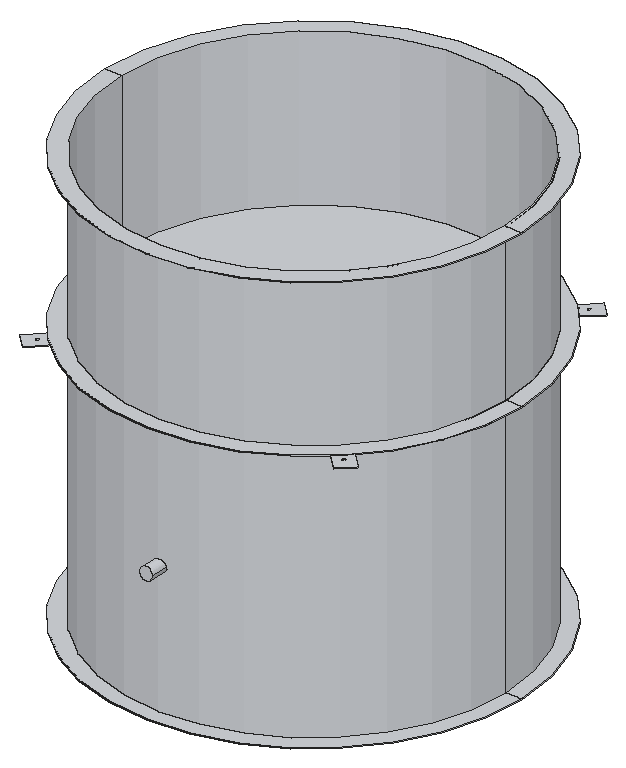
Revit family "AFDV-C_Upblast_Ceiling_Mount", category Mechanical Equipment, Revit 2019
Family settings
  Round Connector Dimension = Use Radius
  Part Type = Normal
  Work Plane-Based = No
  Always vertical = Yes
  Cut with Voids When Loaded = No
  Shared = No
  Room Calculation Point = No
Parameters (values of type "60_AFDV-C_UPBLAST_CEILING")
  VANE = 2' - 1"
  Unit Weight [instance] = ""
  ModelID [instance] = ""
  L/2 = L / 2  # 2' - 0 17/32"
  L = 4' - 1 1/16"
  K/2 = K / 2  # 0' - 0 7/32"
  K = 0' - 0 7/16"
  J/2 = J / 2  # 2' - 10 11/16"
  E-.125" = E - 0' 0 1/8"  # 3' - 5 7/8"
  Accessories [instance] = ""
  45 = 45.00°  # constant formula
  (L-1")/2 = (L - 0' 1") / 2  # 2' - 0 1/32"
  (J+(J-A))/2 = (J + ((J - A) / 2)) / 2  # 3' - 0 11/16"
  J = 5' - 9 3/8"
  CENTER = 0' - 0"  # constant formula
  H-(A/2) = H - (A / 2)  # 2' - 0 1/16"
  H+J = H + CENTER  # 4' - 6 3/4"
  H = 4' - 6 3/4"
  Sones [instance] = ""
  Motor RPM [instance] = ""
  Motor Enclosure [instance] = ""
  LwA [instance] = ""
  G = 12' - 0"
  Fan RPM [instance] = ""
  F/2 = F / 2  # 0' - 1 1/2"
  F = 0' - 3"
  E/2 = E / 2  # 1' - 9"
  E-2" = E - 0' 2"  # 3' - 4"
  E = 3' - 6"
  C/2+J = C / 2 + CENTER  # 2' - 7 13/16"
  C/2 = C / 2  # 2' - 7 13/16"
  C = 5' - 3 5/8"
  B/2 = B / 2  # 2' - 9 3/8"
  B = 5' - 6 3/4"
  A/3 = A / 2.5  # 2' - 0.55"
  A/2 = A / 2  # 2' - 6 11/16"
  A = 5' - 1 3/8"
  60 = 60.00°  # constant formula
  30 = 30.00°  # constant formula
  3" = 0' - 3"  # constant formula
  Brake Hp [instance] = ""
  4" = 0' - 4"  # constant formula
  2' = 2' - 0"
  2" = 0' - 2"  # constant formula
  1" = 0' - 1"  # constant formula
  0 = 0' - 0"  # constant formula
  Voltage [instance] = 0 V
  URL = "www.lorencook.com"
  Type Comments = "Tube Axial Fan Upblast Ceiling Mount Direct Drive Arrangement 4"  # constant formula
  Static Pressure [instance] = 0.00 in-wg
  Power [instance] = Voltage * Motor FLA * sqrt(if(Phase = 3, 3, 1))  # 0 VA
  Phase [instance] = 0
  Number of Poles [instance] = 1
  Motor Hp [instance] = "0"
  Motor FLA [instance] = 0 A
  Model = "AFDV-C"  # constant formula
  Manufacturer = "Loren Cook Company"
  CFM [instance] = 0 CFM
  1.5 = 0' - 1 1/2"  # constant formula
  ONE EIGTH = 0' - 0 1/8"  # constant formula
  -E/2 = -E / 2  # -1' - 9"
  -(E-.25")/2 = -(E - 0' 0 1/4") / 2  # -1' - 8 7/8"
  (K/2)-((J-A-.25")/2) = (K / 2) - ((J - A - 0' 0 1/4") / 2)  # -0' - 3 21/32"
  (J-A-.25") = (J - A - 0' 0 1/4")  # 0' - 7 3/4"
  (H-(A/2))/2 = (H - (A / 2)) / 2  # 1' - 0 1/32"
  (E-.25")/2 = (E - 0' 0 1/4") / 2  # 1' - 8 7/8"
  (A+.25")/2 = (A + 0' 0 1/4") / 2  # 2' - 6 13/16"
Types (12): name | VANE | L/2 | L | K/2 | K | J/2 | E-.125" | (L-1")/2 | (J+(J-A))/2 | J | H-(A/2) | H+J | H | G | F/2 | F | E/2 | E-2" | E | C/2+J | C/2 | C | B/2 | B | A/3 | A/2 | A | -E/2 | -(E-.25")/2 | (K/2)-((J-A-.25")/2) | (J-A-.25") | (H-(A/2))/2 | (E-.25")/2 | (A+.25")/2
  (no name) | 2' - 1" | 2' - 0 17/32" | 4' - 1 1/16" | 0' - 0 7/32" | 0' - 0 7/16" | 2' - 10 11/16" | 3' - 5 7/8" | 2' - 0 1/32" | 3' - 0 11/16" | 5' - 9 3/8" | 2' - 0 1/16" | 4' - 6 3/4" | 4' - 6 3/4" | 12' - 0" | 0' - 1 1/2" | 0' - 3" | 1' - 9" | 3' - 4" | 3' - 6" | 2' - 7 13/16" | 2' - 7 13/16" | 5' - 3 5/8" | 2' - 9 3/8" | 5' - 6 3/4" | 2' - 0.55" | 2' - 6 11/16" | 5' - 1 3/8" | -1' - 9" | -1' - 8 7/8" | -0' - 3 21/32" | 0' - 7 3/4" | 1' - 0 1/32" | 1' - 8 7/8" | 2' - 6 13/16"
  12_AFDV-C_UPBLAST_CEILING | 0' - 6" | 0' - 6 3/8" | 1' - 0 3/4" | 0' - 0 3/16" | 0' - 0 3/8" | 0' - 9 1/32" | 1' - 9 7/8" | 0' - 5 7/8" | 0' - 10 21/64" | 1' - 6 1/16" | 1' - 6 3/16" | 2' - 0 5/8" | 2' - 0 5/8" | 6' - 0" | 0' - 0 5/32" | 0' - 0 5/16" | 0' - 11" | 1' - 8" | 1' - 10" | 0' - 7 5/16" | 0' - 7 5/16" | 1' - 2 5/8" | 0' - 7 13/16" | 1' - 3 5/8" | 0' - 5.15" | 0' - 6 7/16" | 1' - 0 7/8" | -0' - 11" | -0' - 10 7/8" | -0' - 2 9/32" | 0' - 4 15/16" | 0' - 9 3/32" | 0' - 10 7/8" | 0' - 6 9/16"
  16_AFDV-C_UPBLAST_CEILING | 0' - 10" | 0' - 7 13/16" | 1' - 3 5/8" | 0' - 0 3/16" | 0' - 0 3/8" | 0' - 11 1/32" | 2' - 0 7/8" | 0' - 7 5/16" | 1' - 0 21/64" | 1' - 10 1/16" | 1' - 9 11/16" | 2' - 6 1/8" | 2' - 6 1/8" | 6' - 0" | 0' - 0 5/32" | 0' - 0 5/16" | 1' - 0 1/2" | 1' - 11" | 2' - 1" | 0' - 9 5/16" | 0' - 9 5/16" | 1' - 6 5/8" | 0' - 9 13/16" | 1' - 7 5/8" | 0' - 6 3/4" | 0' - 8 7/16" | 1' - 4 7/8" | -1' - 0 1/2" | -1' - 0 3/8" | -0' - 2 9/32" | 0' - 4 15/16" | 0' - 10 27/32" | 1' - 0 3/8" | 0' - 8 9/16"
  18_AFDV-C_UPBLAST_CEILING | 0' - 11" | 0' - 8 1/2" | 1' - 5" | 0' - 0 3/16" | 0' - 0 3/8" | 1' - 0 1/32" | 2' - 0 7/8" | 0' - 8" | 1' - 1 21/64" | 2' - 0 1/16" | 1' - 9 11/16" | 2' - 7 1/8" | 2' - 7 1/8" | 6' - 0" | 0' - 0 5/32" | 0' - 0 5/16" | 1' - 0 1/2" | 1' - 11" | 2' - 1" | 0' - 10 5/16" | 0' - 10 5/16" | 1' - 8 5/8" | 0' - 10 13/16" | 1' - 9 5/8" | 0' - 7.55" | 0' - 9 7/16" | 1' - 6 7/8" | -1' - 0 1/2" | -1' - 0 3/8" | -0' - 2 9/32" | 0' - 4 15/16" | 0' - 10 27/32" | 1' - 0 3/8" | 0' - 9 9/16"
  24_AFDV-C_UPBLAST_CEILING | 1' - 1" | 0' - 10 7/8" | 1' - 9 3/4" | 0' - 0 3/16" | 0' - 0 3/8" | 1' - 3 13/32" | 2' - 6 7/8" | 0' - 10 3/8" | 1' - 4 57/64" | 2' - 6 13/16" | 2' - 3 7/16" | 3' - 3 7/8" | 3' - 3 7/8" | 6' - 0" | 0' - 0 7/32" | 0' - 0 7/16" | 1' - 3 1/2" | 2' - 5" | 2' - 7" | 1' - 1 7/16" | 1' - 1 7/16" | 2' - 2 7/8" | 1' - 2 9/16" | 2' - 5 1/8" | 0' - 9.95" | 1' - 0 7/16" | 2' - 0 7/8" | -1' - 3 1/2" | -1' - 3 3/8" | -0' - 2 21/32" | 0' - 5 11/16" | 1' - 1 23/32" | 1' - 3 3/8" | 1' - 0 9/16"
  28_AFDV-C_UPBLAST_CEILING | 1' - 1" | 1' - 0 5/16" | 2' - 0 5/8" | 0' - 0 3/16" | 0' - 0 3/8" | 1' - 5 13/32" | 2' - 6 7/8" | 0' - 11 13/16" | 1' - 6 57/64" | 2' - 10 13/16" | 2' - 3 7/16" | 3' - 5 7/8" | 3' - 5 7/8" | 6' - 0" | 0' - 0 7/32" | 0' - 0 7/16" | 1' - 3 1/2" | 2' - 5" | 2' - 7" | 1' - 3 7/16" | 1' - 3 7/16" | 2' - 6 7/8" | 1' - 4 9/16" | 2' - 9 1/8" | 0' - 11.55" | 1' - 2 7/16" | 2' - 4 7/8" | -1' - 3 1/2" | -1' - 3 3/8" | -0' - 2 21/32" | 0' - 5 11/16" | 1' - 1 23/32" | 1' - 3 3/8" | 1' - 2 9/16"
  32_AFDV-C_UPBLAST_CEILING | 1' - 3" | 1' - 2 1/8" | 2' - 4 1/4" | 0' - 0 7/32" | 0' - 0 7/16" | 1' - 7 31/32" | 2' - 9 7/8" | 1' - 1 5/8" | 1' - 9 45/64" | 3' - 3 15/16" | 2' - 4 3/4" | 3' - 9 1/4" | 3' - 9 1/4" | 6' - 0" | 0' - 0 7/32" | 0' - 0 7/16" | 1' - 5" | 2' - 8" | 2' - 10" | 1' - 5 1/2" | 1' - 5 1/2" | 2' - 11" | 1' - 6 5/8" | 3' - 1 1/4" | 1' - 1.2" | 1' - 4 1/2" | 2' - 9" | -1' - 5" | -1' - 4 7/8" | -0' - 3 1/8" | 0' - 6 11/16" | 1' - 2 3/8" | 1' - 4 7/8" | 1' - 4 5/8"
  36_AFDV-C_UPBLAST_CEILING | 1' - 4" | 1' - 3 17/32" | 2' - 7 1/16" | 0' - 0 7/32" | 0' - 0 7/16" | 1' - 9 31/32" | 2' - 9 7/8" | 1' - 3 1/32" | 1' - 11 45/64" | 3' - 7 15/16" | 2' - 4 3/4" | 3' - 11 1/4" | 3' - 11 1/4" | 6' - 0" | 0' - 0 7/32" | 0' - 0 7/16" | 1' - 5" | 2' - 8" | 2' - 10" | 1' - 7 1/2" | 1' - 7 1/2" | 3' - 3" | 1' - 8 11/16" | 3' - 5 3/8" | 1' - 2.8" | 1' - 6 1/2" | 3' - 1" | -1' - 5" | -1' - 4 7/8" | -0' - 3 1/8" | 0' - 6 11/16" | 1' - 2 3/8" | 1' - 4 7/8" | 1' - 6 5/8"
  44_AFDV-C_UPBLAST_CEILING | 1' - 7" | 1' - 6 3/8" | 3' - 0 3/4" | 0' - 0 7/32" | 0' - 0 7/16" | 2' - 2" | 3' - 5 7/8" | 1' - 5 7/8" | 2' - 3 3/4" | 4' - 4" | 3' - 0 1/4" | 4' - 10 3/4" | 4' - 10 3/4" | 12' - 0" | 0' - 0 7/32" | 0' - 0 7/16" | 1' - 9" | 3' - 4" | 3' - 6" | 1' - 11 3/4" | 1' - 11 3/4" | 3' - 11 1/2" | 2' - 0 11/16" | 4' - 1 3/8" | 1' - 6" | 1' - 10 1/2" | 3' - 9" | -1' - 9" | -1' - 8 7/8" | -0' - 3 5/32" | 0' - 6 3/4" | 1' - 6 1/8" | 1' - 8 7/8" | 1' - 10 5/8"
  48_AFDV-C_UPBLAST_CEILING | 1' - 10" | 1' - 8 3/16" | 3' - 4 3/8" | 0' - 0 7/32" | 0' - 0 7/16" | 2' - 4 9/16" | 3' - 5 7/8" | 1' - 7 11/16" | 2' - 6 9/16" | 4' - 9 1/8" | 3' - 0 3/16" | 5' - 0 3/4" | 5' - 0 3/4" | 12' - 0" | 0' - 0 7/32" | 0' - 0 7/16" | 1' - 9" | 3' - 4" | 3' - 6" | 2' - 1 13/16" | 2' - 1 13/16" | 4' - 3 5/8" | 2' - 2 3/4" | 4' - 5 1/2" | 1' - 7.65" | 2' - 0 9/16" | 4' - 1 1/8" | -1' - 9" | -1' - 8 7/8" | -0' - 3 21/32" | 0' - 7 3/4" | 1' - 6 3/32" | 1' - 8 7/8" | 2' - 0 11/16"
  54_AFDV-C_UPBLAST_CEILING | 1' - 11" | 1' - 10 1/2" | 3' - 9" | 0' - 0 7/32" | 0' - 0 7/16" | 2' - 7 13/16" | 3' - 5 7/8" | 1' - 10" | 2' - 9 7/8" | 5' - 3 5/8" | 2' - 0 1/16" | 4' - 3 3/4" | 4' - 3 3/4" | 12' - 0" | 0' - 0 7/32" | 0' - 0 7/16" | 1' - 9" | 3' - 4" | 3' - 6" | 2' - 4 13/16" | 2' - 4 13/16" | 4' - 9 5/8" | 2' - 6 3/8" | 5' - 0 3/4" | 1' - 10.15" | 2' - 3 11/16" | 4' - 7 3/8" | -1' - 9" | -1' - 8 7/8" | -0' - 3 25/32" | 0' - 8" | 1' - 0 1/32" | 1' - 8 7/8" | 2' - 3 13/16"
  60_AFDV-C_UPBLAST_CEILING | 2' - 1" | 2' - 0 17/32" | 4' - 1 1/16" | 0' - 0 7/32" | 0' - 0 7/16" | 2' - 10 11/16" | 3' - 5 7/8" | 2' - 0 1/32" | 3' - 0 11/16" | 5' - 9 3/8" | 2' - 0 1/16" | 4' - 6 3/4" | 4' - 6 3/4" | 12' - 0" | 0' - 1 1/2" | 0' - 3" | 1' - 9" | 3' - 4" | 3' - 6" | 2' - 7 13/16" | 2' - 7 13/16" | 5' - 3 5/8" | 2' - 9 3/8" | 5' - 6 3/4" | 2' - 0.55" | 2' - 6 11/16" | 5' - 1 3/8" | -1' - 9" | -1' - 8 7/8" | -0' - 3 21/32" | 0' - 7 3/4" | 1' - 0 1/32" | 1' - 8 7/8" | 2' - 6 13/16"
Reference planes (in)
  plane 1 "Center (Front/Back)": y = 0
  plane 2: z = 0
  plane 3 "Center (Left/Right)": x = 0.40541
Forms (in)
  Revolve 1, solid
    sketch origin (0, 0, 0) x (1, 0, 0) y (0, 0, 1)
      loop
        line (0.40541, -21) -> (33.78041, -21) -> (33.78041, -20.875) -> (31.21791, -20.875) -> (31.21791, 20.875) -> (33.78041, 20.875) -> (33.78041, 21) -> (0.40541, 21) -> (0.40541, -21)
      axis (0.40541, -21) -> (0.40541, 21)
    angle from 0 to 360
  Extrusion 2, void
    sketch origin (0, 0, 0) x (1, 0, 0) y (0, 1, 0)
      loop
        circle (0.40541, 0) r 0.125
    from -21 <- "-E/2" to 21 <- "E/2"
  Extrusion 3, solid
    sketch origin (0.40541, 0, 21) x (1, 0, 0) y (0, 1, 0)
      loop
        arc (-24.85963, 26.98095) -> (-25.94198, 25.94198) -> (-26.98095, 24.85963) r 36.6875
        line (-26.98095, 24.85963) -> (-24.6365, 22.51518)
        arc (-24.6365, 22.51518) -> (-23.59969, 23.59969) -> (-22.51518, 24.6365) r 33.375
        line (-22.51518, 24.6365) -> (-24.85963, 26.98095)
      loop
        arc (24.85963, -26.98095) -> (25.94198, -25.94198) -> (26.98095, -24.85963) r 36.6875
        line (26.98095, -24.85963) -> (24.6365, -22.51518)
        arc (24.6365, -22.51518) -> (23.59969, -23.59969) -> (22.51518, -24.6365) r 33.375
        line (22.51518, -24.6365) -> (24.85963, -26.98095)
      loop
        arc (-26.98095, -24.85963) -> (-25.94198, -25.94198) -> (-24.85963, -26.98095) r 36.6875
        line (-24.85963, -26.98095) -> (-22.51518, -24.6365)
        arc (-22.51518, -24.6365) -> (-23.59969, -23.59969) -> (-24.6365, -22.51518) r 33.375
        line (-24.6365, -22.51518) -> (-26.98095, -24.85963)
      loop
        arc (26.98095, 24.85963) -> (25.94198, 25.94198) -> (24.85963, 26.98095) r 36.6875
        line (24.85963, 26.98095) -> (22.51518, 24.6365)
        arc (22.51518, 24.6365) -> (23.59969, 23.59969) -> (24.6365, 22.51518) r 33.375
        line (24.6365, 22.51518) -> (26.98095, 24.85963)
    from 0 to -0.125
  Extrusion 4, void
    sketch origin (0, 0, 0) x (1, 0, 0) y (0, 1, 0)
      loop
        circle (24.93666, 24.53125) r 0.21875
      loop
        circle (-24.12584, 24.53125) r 0.21875
      loop
        circle (-24.12584, -24.53125) r 0.21875
      loop
        circle (24.93666, -24.53125) r 0.21875
    from 21 <- "E/2" to -21 <- "-E/2"
  Extrusion 5, solid
    sketch origin (0, 0, 0) x (1, 0, 0) y (0, 0, 1)
      loop
        circle (0.40541, 0) r 1
    from 0 to 33.375 <- "B/2"
  Revolve 6, solid
    sketch origin (0, 0, 0) x (1, 0, 0) y (0, 0, 1)
      loop
        line (-32.96959, 20.875) -> (-30.28209, 20.875) -> (-30.28209, 45.875) -> (-32.96959, 45.875) -> (-32.96959, 45.75) -> (-30.40709, 45.75) -> (-30.40709, 21) -> (-32.96959, 21) -> (-32.96959, 20.875)
      axis (0.40541, 20.875) -> (0.40541, 45.875)
    angle from 0 to 360
Cuts and joins
  Extrusion 2, Extrusion 4 cuts Revolve 1
  Extrusion 4 cuts Extrusion 3
Dimensions and locks (in)
  "0": Revolve 1 sketch curve to plane 3 "Center (Left/Right)"  (x2)
  "(A+.25")/2": Revolve 1 sketch curve to plane 3 "Center (Left/Right)"
  "B/2": Revolve 1 sketch curve to plane 3 "Center (Left/Right)"  (x2)
  "ONE EIGTH": Revolve 1 sketch curve to Revolve 1 sketch curve  (x2)
  "E": Revolve 1 sketch curve to Revolve 1 sketch curve
  "E/2": level to Revolve 1 sketch curve
  "0": Extrusion 2 sketch curve to plane 3 "Center (Left/Right)"
  "0": plane 1 "Center (Front/Back)" to Extrusion 2 sketch curve
  "0": Extrusion 3 sketch curve to plane 3 "Center (Left/Right)"  (x8)
  "0": Extrusion 3 sketch curve to plane 1 "Center (Front/Back)"  (x8)
  "1.5": plane 3 "Center (Left/Right)" to Extrusion 3 sketch curve  (x3)
  "3"": Extrusion 3 sketch curve to Extrusion 3 sketch curve  (x4)
  "1.5": Extrusion 3 sketch curve to plane 3 "Center (Left/Right)"
  "L/2": plane 3 "Center (Left/Right)" to Extrusion 4 sketch curve  (x4)
  "L/2": plane 1 "Center (Front/Back)" to Extrusion 4 sketch curve  (x4)
  "0": Extrusion 5 sketch curve to plane 3 "Center (Left/Right)"
  "0": Extrusion 5 sketch curve to level
  "0": Revolve 6 sketch curve to plane 3 "Center (Left/Right)"
  "(A+.25")/2": plane 3 "Center (Left/Right)" to Revolve 6 sketch curve
  "B/2": plane 3 "Center (Left/Right)" to Revolve 6 sketch curve  (x2)
  "0": Revolve 6 sketch curve to cut or joined group of Extrusion 3, Extrusion 4
  "VANE": Revolve 6 sketch curve to Revolve 6 sketch curve
  "ONE EIGTH": Revolve 6 sketch curve to Revolve 6 sketch curve  (x3)
  "ONE EIGTH": radius of Extrusion 2 sketch curve
  "(J+(J-A))/2": radius of Extrusion 3 sketch curve  (x4)
  "B/2": radius of Extrusion 3 sketch curve  (x4)
  "K/2": radius of Extrusion 4 sketch curve  (x4)
  "1"": radius of Extrusion 5 sketch curve
  "45": angle Extrusion 3 sketch curve to plane 3 "Center (Left/Right)"
  "45": angle Extrusion 3 sketch curve to plane 1 "Center (Front/Back)"  (x2)
  "45": angle plane 1 "Center (Front/Back)" to Extrusion 3 sketch curve
Automatic sketch dimensions
  Revolve 1 sketch curve to Revolve 1 sketch curve = 0' - 0"
  Revolve 1 sketch curve to Revolve 1 sketch curve = 1' - 6"
  level to Revolve 6 sketch curve = 2' - 1 7/8"
  Revolve 6 sketch curve to Revolve 6 sketch curve = 1' - 3"
Connectors (in)
  hvac at (0.40541, 0, -21), driven by "A/2"
    settings: on cut or joined group of Revolve 1, Extrusion 2, Extrusion 4, index 4, duct flow 0 CFM, flow factor 0, pres drop 0.00 in-wg, loss coef 0, conn angle 0.00°, conn width 12", conn height 12", conn diameter 61 3/8", duct sys type 29, conn prof type 0, flow config 0, flow direction 1, loss method 0, conn ref index -1, conn util no, is conn primary yes, conn desc ""
  electrical at (0.40541, -33.375, 0)
    settings: on Extrusion 5, index 5, voltage 0 V, apparent load 0 VA, apparent load phase1 0 VA, apparent load phase2 0 VA, apparent load phase3 0 VA, power factor 1, load classification "Other", number of poles 1, system type 30, power factor state 1, is connector primary yes, connector utility no, sub classification motor no, connector description ""
  hvac at (0.40541, 0, 45.875), driven by "A/2"
    settings: on Revolve 6, index 6, duct flow 0 CFM, flow factor 0, pres drop 0.00 in-wg, loss coef 0, conn angle 0.00°, conn width 12", conn height 12", conn diameter 61 3/8", duct sys type 29, conn prof type 0, flow config 0, flow direction 2, loss method 0, conn ref index -1, conn util no, is conn primary no, conn desc ""
